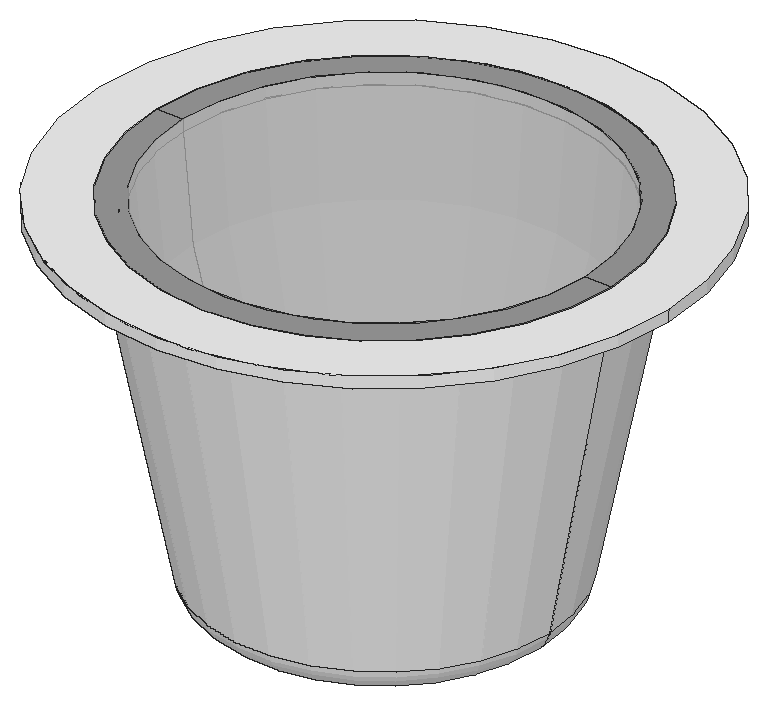
Revit family "2060533 Sylvania Lighting Fixture ASCENT100 II ARCH 1900 3K DALI EMG 120", category Lighting Fixtures, host Face, Revit 2016
Family settings
  Host = Face
  Part Type = Normal
  Round Connector Dimension = Use Diameter
  OmniClass Number = 23.80.70.11.17
  OmniClass Title = Specialized Lighting by Location or Use
  Cut with Voids When Loaded = No
  Light Source = Yes
  Shared = No
  Room Calculation Point = No
Parameters (values of type "2060533 ASCT100 II ARCH 1900 3K DALI EMG 120 Emergency mode")
  Weight = "1.43 kg"
  WarrantyStartDate [instance] = "n/a"
  WarrantyGuarantorParts = "n/a"
  WarrantyDurationUnit = "n/a"
  WarrantyDurationParts = "n/a"
  WarrantyDescription = "n/a"
  Voltage = 0 V
  TypeName = "ASCT100 II ARCH 1900 3K DALI EMG 120 Emergency mode"
  SerialNumber [instance] = "n/a"
  ReflectorRadius_SYL = Radius_SYL - 15.0 mm  # 60.0 mm
  PowerFactor = 0
  PowerConsumption = "20 W"
  NominalWidth = 0.0 mm
  NominalLength = 0.0 mm
  NominalHeight = 94.0 mm
  Name = "ASCT100 II ARCH 1900 3K DALI EMG 120 Emergency mode"
  ModelReference = "ASCT100 II ARCH 1900 3K DALI EMG 120 Emergency mode"
  ModelNumber = "2060533"
  Material_4_SYL = Aluminium_Sylvania_Ascent_Silver
  Radius_SYL = 75.0 mm
  Wattage = 1.76596 W
  built-in parameter 1150110 = 1 (stored number, unit not read)
  URL = "http://www.sylvania-lighting.com"
  built-in parameter 1114217 = 1 (stored number, unit not read)
  Tilt Angle = -90°
  built-in parameter 1150109 = 1 (stored number, unit not read)
  built-in parameter 1150134 = (empty or 0)
  built-in parameter 1150113 = 1 (stored number, unit not read)
  Photometric Web File = "2060533EM.ies"
  Material = "aluminium housing, acrylic diffuser"
  ManufacturerName = "Feilo Sylvania"
  LuminousEfficacy = "94 lm/W"
  LuminaireType = ""
  LightOutputRatio = "100"
  LampsType = Lamp  # "LED"
  LampNominalLuminous = "1887 lm"
  LampMacAdamStep = "n/a"
  LampColourTemperature = "3000 K"
  LampColourRenderingIndex = "80"
  Keynote = "16500"
  InstallationDate [instance] = "n/a"
  InputVoltage = "n/a"
  InputNominalFrequency = "n/a"
  IngressProtection = "IP40"
  ImpactProtectionIndex = "IK02"
  IfcExportType = "IfcLightFixtureType"
  IfcExportAs = "IfcLightFixtureType"
  Height_SYL = 94.0 mm
  ExpectedLife = 50000
  Emit from Circle Diameter = 2 * DiffuserRadius_SYL  # 106.0 mm
  Emit Shape Visible in Rendering = no
  ElectricShockClassification = "Class II"
  DurationUnit = "hours"
  DocumentationLiterature = "http://www.sylvania-lighting.com/product/en-int/products/2060533"
  DimmingControlOptions = "n/a"
  DiffuserRadius_SYL = ReflectorRadius_SYL - 7.0 mm  # 53.0 mm
  Material_3_SYL = Polycarbonate_Sylvania_Ascent_Clear
  Diameter_SYL = 2 * Radius_SYL  # 150.0 mm
  CutoutDiameter_SYL = Diameter_SYL - 13.0 mm  # 137.0 mm
  CreatedOn = "9/17/2018"
  CreatedBy = "@sylvania-lighting.com"
  built-in parameter 1114216 [instance] = 1 (stored number, unit not read)
  Model = "ASCT100 II ARCH 1900 3K DALI EMG 120 Emergency mode"
  Manufacturer = "Feilo Sylvania"
  built-in parameter 1150105 = 13.21 (stored number, unit not read)
  Lumens = 166 lm
  built-in parameter 1150115 = 1 (stored number, unit not read)
  built-in parameter 1150137 = (empty or 0)
  built-in parameter 1150139 = (empty or 0)
  built-in parameter 1150112 = 1 (stored number, unit not read)
  built-in parameter 1150114 = 1 (stored number, unit not read)
  Lamp = "LED"
  built-in parameter 1150132 = 2
  built-in parameter 1150102 = (empty or 0)
  built-in parameter 1150107 = 3000 (stored number, unit not read)
  built-in parameter 1150138 = (empty or 0)
  built-in parameter 1150106 = 0.1321 (stored number, unit not read)
  Material_1_SYL = Aluminum_Sylvania_Ascent_White
  built-in parameter 1150104 = 8.7329 (stored number, unit not read)
  Dimming Lamp Color Temperature Shift = <None>
  Description = "Direct LED retro fit for original LED 100 Arch (120) single CFL lamp offering Matching lumen levels and improved light distribution of original LED 100 CFL lamp equivalents Typically half the power consumption compared to CFL Up to 104lm/W 120mm aperture Architectural reflector accepts range of glass accessories from existing LED 100 Arch 120 offering HE, HO and VHO versions equivalent of single 1 x 13W, 1 x 18W, 1 x 26W Additional VVHO versions which offer the performance circa 2 x 26W equivalent"  # constant formula
  Default Elevation = 0.0 mm
  Color Filter = 16777215
  built-in parameter 1140040 [instance] = 1
  BarCode [instance] = "n/a"
  built-in parameter 1114218 = 1 (stored number, unit not read)
  built-in parameter 1150133 = 10 (stored number, unit not read)
  AssetType = "Fixed"
  AssetIdentifier [instance] = "n/a"
  Assembly Code = "D5020200"
  Apparent Load = 1.76596 VA
  Aperture_SYL = 2 * ReflectorRadius_SYL  # 120.0 mm
  Material_2_SYL = Aluminum_Sylvania_Ascent_White
Types (2, lengths in mm): name | TypeName | Name | ModelReference | Wattage | Photometric Web File | Model | built-in parameter 1150105 | Lumens | built-in parameter 1150106 | Apparent Load
  2060533 ASCT100 II ARCH 1900 3K DALI EMG 120 Emergency mode | "ASCT100 II ARCH 1900 3K DALI EMG 120 Emergency mode" | "ASCT100 II ARCH 1900 3K DALI EMG 120 Emergency mode" | "ASCT100 II ARCH 1900 3K DALI EMG 120 Emergency mode" | 1.76596 W | "2060533EM.ies" | "ASCT100 II ARCH 1900 3K DALI EMG 120 Emergency mode" | 13.21 (stored number, unit not read) | 166 lm | 0.1321 (stored number, unit not read) | 1.76596 VA
  2060533 ASCT100 II ARCH 1900 3K DALI EMG 120 | "ASCENT100 II ARCH 1900 3K DALI EMG 120" | "ASCENT100 II ARCH 1900 3K DALI EMG 120" | "ASCENT100 II ARCH 1900 3K DALI EMG 120" | 20 W | "2060533.ies" | "ASCENT100 II ARCH 1900 3K DALI EMG 120" | 149.61 (stored number, unit not read) | 1880 lm | 1.4961 (stored number, unit not read) | 20 VA
Reference planes
  plane 1 "Center (Front/Back)": y = 0
  plane 2: z = 0
  plane 3 "Center (Left/Right)": x = 0
  plane 4 "Fixture Bottom": z = 3
  plane 5: z = -52.5
  plane 6 "Fixture Top": z = -91
Forms (mm)
  Extrusion 1, solid, material "Aluminum_Sylvania_Ascent_White" <- "Material_2_SYL", detail levels fine
    sketch origin (0, 0, 0) x (1, 0, 0) y (0, 1, 0)
      loop
        circle (0, 0) r 75
      loop
        circle (0, 0) r 60
    from 0 to 3
  Extrusion 2, void
    sketch origin (0, 0, 0) x (1, 0, 0) y (0, 1, 0)
      loop
        circle (0, 0) r 68.5
    from -91 to 3
  Revolve 3, solid, material "Aluminum_Sylvania_Ascent_White" <- "Material_1_SYL", detail levels fine
    sketch origin (0, 0, 0) x (1, 0, 0) y (0, 0, 1)
      loop
        line (0, -91.073) -> (0, -89.023) -> (-35.468, -89.014)
        arc (-35.468, -89.014) -> (-39.352, -87.613) -> (-41.54, -84.139) r 6.307
        line (-41.54, -84.139) -> (-57.991, -2.844) -> (-57.991, 0) -> (-60, 0) -> (-60, -3) -> (-43.5, -84.536)
        arc (-43.5, -84.536) -> (-40.643, -89.203) -> (-35.5, -91.073) r 8.291
        line (-35.5, -91.073) -> (0, -91.073)
      axis (0, 0) -> (0, -91.073)
    angle from 0 to 360
  Revolve 4, solid, material "Aluminium_Sylvania_Ascent_Silver" <- "Material_4_SYL", detail levels fine
    sketch origin (0, 0, 0) x (1, 0, 0) y (0, 0, 1)
      loop
        line (-60, 3) -> (-60, 0) -> (-55, 0)
        arc (-55, 0) -> (-52.349, -26.77) -> (-44.5, -52.5) r 136.5
        line (-44.5, -52.5) -> (-38, -52.5)
        arc (-38, -52.5) -> (-36.857, -61.521) -> (-33.5, -69.971) r 36.166
        line (-33.5, -69.971) -> (0, -69.971) -> (0, -50.5) -> (-43.16, -50.5)
        arc (-43.16, -50.5) -> (-50.517, -25.725) -> (-53, 0) r 134.5
        line (-53, 0) -> (-53, 3) -> (-60, 3)
      axis (0, 3) -> (0, -69.971)
    angle from 0 to 360
  Extrusion 5, solid, material "Polycarbonate_Sylvania_Ascent_Clear" <- "Material_3_SYL", detail levels fine
    sketch origin (0, 0, 0) x (1, 0, 0) y (0, 1, 0)
      loop
        circle (0, 0) r 53
    from 0 to 3
  Revolve 6, solid, material "Aluminum_Sylvania_Ascent_White" <- "Material_2_SYL", detail levels coarse+medium
    sketch origin (0, 0, 0) x (1, 0, 0) y (0, 0, 1)
      loop
        line (0, -91.073) -> (0, 3) -> (-75, 3) -> (-75, 0) -> (-60, 0) -> (-60, -3) -> (-43.5, -84.536)
        arc (-43.5, -84.536) -> (-40.643, -89.203) -> (-35.5, -91.073) r 8.291
        line (-35.5, -91.073) -> (0, -91.073)
      axis (0, 3) -> (0, -91.073)
    angle from 0 to 360
Dimensions and locks
  locked: plane 4 "Fixture Bottom" to plane 2 at 3
  "Height_SYL": plane 4 "Fixture Bottom" to plane 6 "Fixture Top"
  "ReflectorRadius_SYL": plane 3 "Center (Left/Right)" to Revolve 4 sketch curve
  locked: Revolve 4 sketch curve to Revolve 4 sketch curve at 15.5
  locked: Revolve 4 sketch curve to Revolve 4 sketch curve at 5
  locked: Revolve 4 sketch curve to Revolve 4 sketch curve at 7
  locked: Revolve 4 sketch curve to Revolve 4 sketch curve at 22
  locked: Revolve 4 sketch curve to Revolve 4 sketch curve at 26.5
  locked: Revolve 3 sketch curve to Revolve 3 sketch curve at 16.5
  locked: Revolve 3 sketch curve to Revolve 3 sketch curve at 24.5
  "ReflectorRadius_SYL": Revolve 3 sketch curve to plane 3 "Center (Left/Right)"
  locked: Revolve 3 sketch curve to plane 6 "Fixture Top" at 6.464
  locked: plane 2 to Revolve 3 sketch curve at 3
  locked: Revolve 3 sketch curve to Revolve 3 sketch curve at 2
  locked: Revolve 3 sketch curve to Revolve 3 sketch curve at 2.009
  locked: plane 2 to plane 5 at 52.5
  locked: Revolve 6 sketch curve to Revolve 6 sketch curve at 31.5
  locked: Revolve 6 sketch curve to Revolve 6 sketch curve at 39.5
  locked: Revolve 6 sketch curve to Revolve 6 sketch curve at 15
  "Radius_SYL": plane 3 "Center (Left/Right)" to Revolve 6 sketch curve
  "CutoutDiameter_SYL": diameter of Extrusion 2 sketch curve
  "ReflectorRadius_SYL": radius of Extrusion 1 sketch curve
  "DiffuserRadius_SYL": radius of Extrusion 5 sketch curve
  "Radius_SYL": radius of Extrusion 1 sketch curve
  aligned and locked: host face to plane 2
  aligned and locked: host face to level
  aligned and locked: plane 1 "Center (Front/Back)" to imposter light
  aligned and locked: plane 3 "Center (Left/Right)" to imposter light
  aligned and locked: plane 4 "Fixture Bottom" to Extrusion 1
  aligned and locked: Extrusion 1 to plane 2
  aligned and locked: Revolve 3 sketch curve to plane 3 "Center (Left/Right)"
  aligned and locked: Revolve 4 sketch curve to plane 3 "Center (Left/Right)"  (x2)
  aligned and locked: plane 4 "Fixture Bottom" to Revolve 4 sketch curve
  aligned and locked: Revolve 3 sketch curve to imposter light
  aligned and locked: Extrusion 5 to plane 2
  aligned and locked: imposter light to Extrusion 5
  aligned and locked: plane 2 to Revolve 3 sketch curve  (x2)
  aligned and locked: Revolve 6 sketch curve to imposter light
  aligned and locked: Revolve 6 sketch curve to plane 3 "Center (Left/Right)"
  aligned and locked: plane 6 "Fixture Top" to Extrusion 2
  aligned and locked: imposter light to Extrusion 2
  aligned and locked: imposter light to plane 4 "Fixture Bottom"
Automatic sketch dimensions
  plane 1 "Center (Front/Back)" to Extrusion 2 sketch curve = 0.0 mm
  Extrusion 2 sketch curve to plane 3 "Center (Left/Right)" = 0.0 mm
  Extrusion 1 sketch curve to Extrusion 1 sketch curve = 0.0 mm  (x2)
  plane 1 "Center (Front/Back)" to Extrusion 1 sketch curve = 0.0 mm
  Extrusion 1 sketch curve to plane 3 "Center (Left/Right)" = 0.0 mm
  plane 6 "Fixture Top" to Revolve 3 sketch curve = 0.073 mm
  Revolve 3 sketch curve to plane 6 "Fixture Top" = 6.861 mm
  Revolve 3 sketch curve to Revolve 3 sketch curve = 0.003 mm
  Revolve 3 sketch curve to Revolve 3 sketch curve = 0.009 mm  (x2)
  Revolve 3 sketch curve to Revolve 3 sketch curve = 0.023 mm
  Revolve 3 sketch curve to Revolve 3 sketch curve = 0.072 mm
  Revolve 3 sketch curve to Revolve 3 sketch curve = 0.008 mm
  Revolve 3 sketch curve to plane 6 "Fixture Top" = 1.977 mm
  Revolve 3 sketch curve to Revolve 3 sketch curve = 33.496 mm
  Revolve 3 sketch curve to Revolve 3 sketch curve = 0.028 mm
  plane 4 "Fixture Bottom" to Revolve 3 sketch curve = 82.431 mm
  Revolve 4 sketch curve to Revolve 4 sketch curve = 0.0 mm  (x2)
  Revolve 4 sketch curve to plane 5 = 0.0 mm
  Revolve 4 sketch curve to level = 0.0 mm
  plane 5 to Revolve 4 sketch curve = 2.0 mm
  plane 4 "Fixture Bottom" to Revolve 4 sketch curve = 9.642 mm
  plane 1 "Center (Front/Back)" to Extrusion 5 sketch curve = 0.0 mm
  Extrusion 5 sketch curve to plane 3 "Center (Left/Right)" = 0.0 mm
  Revolve 4 sketch curve to level = 69.971 mm
  Revolve 4 sketch curve to Revolve 4 sketch curve = 2.387 mm
  Revolve 6 sketch curve to level = 0.0 mm
  Revolve 6 sketch curve to plane 3 "Center (Left/Right)" = 0.0 mm
  Revolve 6 sketch curve to Revolve 6 sketch curve = 8.104 mm
  Revolve 6 sketch curve to level = 3.0 mm
  Revolve 6 sketch curve to plane 6 "Fixture Top" = 6.464 mm
  plane 6 "Fixture Top" to Revolve 6 sketch curve = 0.073 mm
  Revolve 6 sketch curve to Revolve 6 sketch curve = 33.496 mm
  plane 4 "Fixture Bottom" to Revolve 6 sketch curve = 82.431 mm
  host sketch curve to host sketch curve = 1368.192 mm
  host sketch curve to host sketch curve = 1600.367 mm
Connectors
  electrical at (0, 0, -91.073), driven by "Apparent Load"
    settings: on Revolve 3, index 1, voltage 240 V, apparent load 0 VA, apparent load phase1 1.76596 VA, apparent load phase2 0 VA, apparent load phase3 0 VA, power factor 1, load classification "Lighting", number of poles 1, system type 31, power factor state 1, is connector primary yes, connector utility no, sub classification motor no, connector description ""
